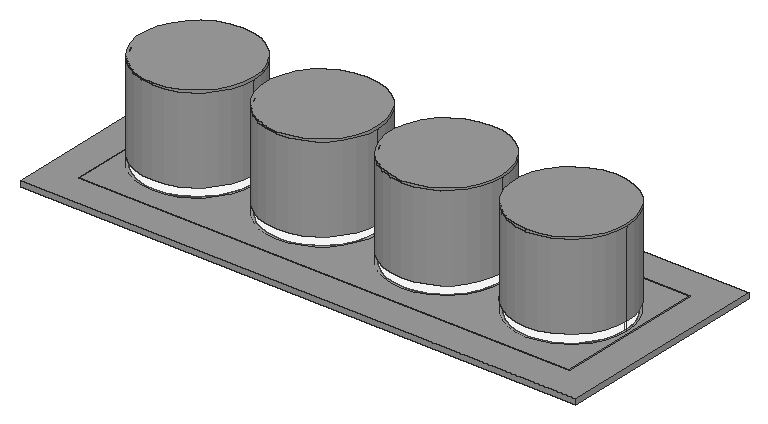
Revit family "Iluminação embutida - Múltipla", category Luminárias, Revit 2019
Family settings
  Hospedeiro = Forro
  Cota do conector redondo = Utilizar diâmetro
  Tipo de parte = Normal
  Sempre na vertical = Sim
  Corte com vazios quando carregada = Não
  Fonte luminosa = Não
  Compartilhado = Não
  Ponto de cálculo do ambiente = Não
Parameters (values of type "415 x 128 x 90mm")
  Largura = 200 mm
  Espessura do painel = 5 mm
  Material da luminária = Metal - Acabamento pintado - Marfim, fosco
  Comprimento = 515 mm
  Altura = 90 mm
  Material da moldura = Metal - Acabamento pintado - Marfim, fosco
  D3 = (Comprimento - 80 mm) / 8  # 54.375 mm
  D2 = D1 + 2 mm  # 52 mm
  D1 = (Largura - 100 mm) / 2  # 50 mm
Types (6, lengths in mm): name | Largura | Comprimento | Altura | D3 | D2 | D1
  415 x 128 x 90mm | 200 | 515 | 90 | 54.375 | 52 | 50
  515 x 200 x 191mm | 200 | 515 | 191 | 54.375 | 52 | 50
  658 x 190 x 146mm | 190 | 658 | 146 | 72.25 | 47 | 45
  460 x 160 x 136mm | 160 | 460 | 136 | 47.5 | 32 | 30
  658 x 190 x 96mm | 190 | 658 | 96 | 72.25 | 47 | 45
  460 x 160 x 113mm | 160 | 460 | 113 | 47.5 | 32 | 30
Reference planes
  plane 1 "Centro (Frente/Trás)": y = 0
  plane 2: z = 0
  plane 3 "Centro (Esquerda/Direita)": x = 0
  plane 4 "Forro": z = 4000
  plane 5: y = 70
  plane 6: y = 100
  plane 7: x = -227.5
  plane 8: x = -257.5
  plane 9: y = -70
  plane 10: y = -100
  plane 11: x = 227.5
  plane 12: x = 257.5
  plane 13: z = 3997.5
  plane 14: z = 3995
  plane 15: x = 173.125
  plane 16: x = -173.125
  plane 17: x = -57.708
  plane 18: x = 57.708
Forms (mm)
  Extrusion 1, solid, material "Metal - Acabamento pintado - Marfim, fosco" <- "Material da moldura"
    sketch origin (-180, 0, 4000) x (0, 1, 0) y (-1, 0, 0)
      loop
        line (70, 47.5) -> (-70, 47.5) -> (-70, -407.5) -> (70, -407.5) -> (70, 47.5)
    from -2.5 to 0
  Extrusion 2, solid, material "Metal - Acabamento pintado - Marfim, fosco" <- "Material da moldura"
    sketch origin (-180, 0, 4000) x (0, 1, 0) y (-1, 0, 0)
      loop
        line (100, 77.5) -> (-100, 77.5) -> (-100, -437.5) -> (100, -437.5) -> (100, 77.5)
      loop
        line (70, 47.5) -> (-70, 47.5) -> (-70, -407.5) -> (70, -407.5) -> (70, 47.5)
    from -5 to 0
  Extrusion 3, void
    sketch origin (100, 0, 4000) x (0, 1, 0) y (-1, 0, 0)
      loop
        circle (0, 273.125) r 50
    from -2.5 to 0
  Extrusion 4, void
    sketch origin (160, 0, 4000) x (0, 1, 0) y (-1, 0, 0)
      loop
        circle (0, 217.708) r 50
    from -2.5 to 0
  Extrusion 5, void
    sketch origin (220, 0, 4000) x (0, 1, 0) y (-1, 0, 0)
      loop
        circle (0, 162.292) r 50
    from -2.5 to 0
  Extrusion 6, void
    sketch origin (280, 0, 4000) x (0, 1, 0) y (-1, 0, 0)
      loop
        circle (0, 106.875) r 50
    from -2.5 to 0
Cuts and joins
  Extrusion 3, Extrusion 4, Extrusion 5, Extrusion 6 cuts Extrusion 1
  Extrusion 3 cuts Extrusion 2
Lines and regions (mm)
  Opening 1
    outline origin (0, 0, 4000) x (1, 0, 0) y (0, 1, 0)
      loop
        circle (-173.125, 0) r 52
      loop
        circle (-57.708, 0) r 52
      loop
        circle (57.708, 0) r 52
      loop
        circle (173.125, 0) r 52
Dimensions and locks
  equal spacing: host sketch curve, plane 3 "Centro (Esquerda/Direita)", host sketch curve
  equal spacing: host sketch curve, plane 1 "Centro (Frente/Trás)", host sketch curve
  host sketch curve to host sketch curve = 4000 mm  (x2)
  plane 4 "Forro" to host ceiling = 0 mm
  Extrusion 2 sketch curve to Extrusion 2 sketch curve = 200 mm
  locked: plane 8 to plane 7 at 30
  locked: plane 11 to plane 12 at 30
  "Comprimento": plane 8 to plane 12
  equal spacing: plane 8, plane 3 "Centro (Esquerda/Direita)", plane 12
  equal spacing: plane 14, plane 13, plane 4 "Forro"
  "Espessura do painel": plane 14 to plane 4 "Forro"
  "Largura": plane 6 to plane 10
  locked: plane 6 to plane 5 at 30
  locked: plane 9 to plane 10 at 30
  equal spacing: plane 6, plane 1 "Centro (Frente/Trás)", plane 10
  "D3": plane 7 to plane 16
  "D3": plane 15 to plane 11
  equal spacing: plane 16, plane 17, plane 18, plane 15
  "D1": radius of Extrusion 3 sketch curve
  "D1": radius of Extrusion 4 sketch curve
  "D1": radius of Extrusion 5 sketch curve
  "D1": radius of Extrusion 6 sketch curve
  "D2": radius of Opening 1 sketch curve  (x4)
  aligned and locked: plane 11 to Extrusion 1 sketch curve
  aligned and locked: Extrusion 1 sketch curve to plane 5
  aligned and locked: plane 9 to Extrusion 1 sketch curve
  aligned and locked: plane 7 to Extrusion 1 sketch curve
  aligned and locked: Extrusion 1 to plane 4 "Forro"
  aligned and locked: Extrusion 1 to plane 13
  aligned and locked: Extrusion 2 sketch curve to plane 6
  aligned and locked: plane 12 to Extrusion 2 sketch curve
  aligned and locked: Extrusion 2 to plane 8
  aligned and locked: plane 6 to Extrusion 2
  aligned and locked: plane 12 to Extrusion 2
  aligned and locked: Extrusion 2 to plane 10
  aligned and locked: Extrusion 1 to plane 7
  aligned and locked: plane 5 to Extrusion 1
  aligned and locked: Extrusion 1 to plane 11
  aligned and locked: Extrusion 2 to plane 14
  aligned and locked: Extrusion 2 to plane 4 "Forro"
  aligned and locked: plane 7 to Extrusion 2
  aligned and locked: plane 11 to Extrusion 2
  aligned and locked: nested 1 to plane 16
  aligned and locked: Extrusion 3 to plane 13
  aligned and locked: plane 9 to Extrusion 2 sketch curve
  aligned and locked: plane 16 to Extrusion 3 sketch curve
  aligned and locked: plane 1 "Centro (Frente/Trás)" to Extrusion 3 sketch curve
  aligned and locked: nested 4 to plane 15
  aligned and locked: plane 18 to nested 3
  aligned and locked: plane 17 to nested 2
  aligned and locked: host ceiling to Extrusion 3
  aligned and locked: host ceiling to Extrusion 4
  aligned and locked: host ceiling to Extrusion 5
  aligned and locked: host ceiling to Extrusion 6
  aligned and locked: nested 1 to Opening 1 sketch curve  (x2)
  aligned and locked: nested 2 to Opening 1 sketch curve  (x2)
  aligned and locked: plane 1 "Centro (Frente/Trás)" to Opening 1 sketch curve  (x2)
  aligned and locked: plane 18 to Opening 1 sketch curve
  aligned and locked: plane 15 to Opening 1 sketch curve
Automatic sketch dimensions
  Extrusion 2 sketch curve to plane 5 = 0 mm
  Extrusion 2 sketch curve to plane 11 = 0 mm
  Extrusion 2 sketch curve to plane 7 = 0 mm
  Extrusion 2 sketch curve to plane 8 = 0 mm
  plane 1 "Centro (Frente/Trás)" to Extrusion 4 sketch curve = 0 mm
  Extrusion 4 sketch curve to plane 17 = 0 mm
  plane 1 "Centro (Frente/Trás)" to Extrusion 5 sketch curve = 0 mm
  Extrusion 5 sketch curve to plane 18 = 0 mm
  plane 1 "Centro (Frente/Trás)" to Extrusion 6 sketch curve = 0 mm
  Extrusion 6 sketch curve to plane 15 = 0 mm
Nested families
  nested 1: "Iluminação de spot" at (-173.125, 0, 2628.4), type "Iluminação de spot"
  nested 2: "Iluminação de spot" at (-57.708, 0, 2628.4), type "Iluminação de spot"
  nested 3: "Iluminação de spot" at (57.708, 0, 2628.4), type "Iluminação de spot"
  nested 4: "Iluminação de spot" at (173.125, 0, 2628.4), type "Iluminação de spot"
Definition of nested family "Iluminação de spot"
  Parameters (values of type "Iluminação de spot")
    Wattage = 12.1178 W
    built-in parameter 1150110 = 1 (stored number, unit not read)
    built-in parameter 1114217 = 1 (stored number, unit not read)
    built-in parameter 1150109 = 1 (stored number, unit not read)
    built-in parameter 1150134 = (empty or 0)
    built-in parameter 1150113 = 1 (stored number, unit not read)
    Material de sombra = none
    R2 = 52 mm
    R1 = 50 mm
    Lumens = 1800 lm
    built-in parameter 1010506 = 0.5236 (stored number, unit not read)
    built-in parameter 1010507 = 1.5708 (stored number, unit not read)
    Tilt Angle = 90.00°
    built-in parameter 1150115 = 1 (stored number, unit not read)
    built-in parameter 1150105 = 6018.4 (stored number, unit not read)
    Light Source Symbol Length = 3048 mm
    built-in parameter 1150137 = (empty or 0)
    built-in parameter 1150139 = (empty or 0)
    Material da luminária = none
    built-in parameter 1150112 = 1 (stored number, unit not read)
    built-in parameter 1150114 = 1 (stored number, unit not read)
    built-in parameter 1150132 = 2
    built-in parameter 1150102 = (empty or 0)
    built-in parameter 1150138 = (empty or 0)
    built-in parameter 1150107 = 3000 (stored number, unit not read)
    built-in parameter 1150106 = 60.184 (stored number, unit not read)
    Altura 1 = 0.1 * Altura  # 9 mm
    Altura = 90 mm
    built-in parameter 1150104 = 13.8 (stored number, unit not read)
    Dimming Lamp Color Temperature Shift = (empty or 0)
    Color Filter = 16777215
    built-in parameter 1114218 = 1 (stored number, unit not read)
    built-in parameter 1150133 = 10 (stored number, unit not read)
  Reference planes
    plane 1 "Plano de inclinação (F/T)": y = 0
    plane 2: z = 0
    plane 3 "Eixo de origem da luz (E/D)": x = 0
    plane 4 "Elevação da origem da luz": z = 1371.6
    plane 5: y = 75
    plane 6: y = -75
    plane 7: z = 1459.6
    plane 8: z = 1461.6
    plane 9: z = 1380.6
  Forms (mm)
    Extrusion 1, solid, material <- "Material da luminária"
      sketch origin (0, 0, 0) x (1, 0, 0) y (0, 1, 0)
        loop
          circle (0, 0) r 50
        loop
          circle (0, 0) r 52
      from 1380.6 to 1459.6
    Extrusion 2, solid, material <- "Material da luminária"
      sketch origin (0, 0, 1371.6) x (0, -1, 0) y (1, 0, 0)
        loop
          circle (0, 0) r 52
      from 88 to 90
    Extrusion 3, solid, material <- "Material de sombra"
      sketch origin (0, 0, 0) x (1, 0, 0) y (0, 1, 0)
        loop
          circle (0, 0) r 52
        loop
          circle (0, 0) r 50
      from 1371.6 to 1380.6
  Cuts and joins
    joined: Extrusion 1, Extrusion 2
  Text (mm)
    text "�ngulo de inclina玢o 0" at (809.978, -4572, 1586.413), in view "Parte frontal"
    text "90" at (-194.597, -4572, 2488.248), in view "Parte frontal"
    text "180" at (-1130.68, -4572, 1586.413), in view "Parte frontal"
    text "270" at (-320.169, -4572, 456.265), in view "Parte frontal"
    text "�ngulo de inclina玢o 0" at (1952.354, 4572, 1542.98), in view "Parte posterior"
    text "180" at (-876.627, 4572, 1524.796), in view "Parte posterior"
    text "90" at (296.375, 4572, 2698.908), in view "Parte posterior"
    text "270" at (421.947, 4572, 666.926), in view "Parte posterior"
  Dimensions and locks
    locked: plane 8 to plane 7 at 2
    "Altura": plane 4 "Elevação da origem da luz" to plane 8
    "Altura 1": plane 9 to plane 4 "Elevação da origem da luz"
    "R1": radius of Extrusion 1 sketch curve
    "R2": radius of Extrusion 2 sketch curve
    "R2": radius of Extrusion 1 sketch curve
    "R1": radius of Extrusion 3 sketch curve
    "R2": radius of Extrusion 3 sketch curve
    aligned and locked: imposter light to plane 3 "Eixo de origem da luz (E/D)"
    aligned and locked: plane 1 "Plano de inclinação (F/T)" to imposter light
    aligned and locked: plane 4 "Elevação da origem da luz" to imposter light
    aligned and locked: level to plane 2
    aligned and locked: plane 7 to Extrusion 1
    aligned and locked: plane 8 to Extrusion 2
    aligned and locked: Extrusion 2 to plane 7
    aligned and locked: plane 3 "Eixo de origem da luz (E/D)" to Extrusion 1 sketch curve  (x2)
    aligned and locked: plane 1 "Plano de inclinação (F/T)" to Extrusion 1 sketch curve  (x2)
    aligned and locked: plane 3 "Eixo de origem da luz (E/D)" to Extrusion 2 sketch curve
    aligned and locked: plane 1 "Plano de inclinação (F/T)" to Extrusion 2 sketch curve
    aligned and locked: imposter light to Extrusion 3 sketch curve  (x4)
    aligned and locked: cut or joined group of Extrusion 1, Extrusion 2 to plane 9
    aligned and locked: plane 9 to Extrusion 3
    aligned and locked: plane 4 "Elevação da origem da luz" to Extrusion 3
Types in the file's own list only (6): name | Largura | Comprimento | Altura | D3 | D2 | D1
  415x128x90mm | 128 mm | 415 mm | 90 mm | 42 mm | 16 mm | 14 mm
  460x160x113mm | 160 mm | 460 mm | 113 mm | 48 mm | 32 mm | 30 mm
  658x190x96mm | 190 mm | 658 mm | 96 mm | 72 mm | 47 mm | 45 mm
  460x160x136mm | 160 mm | 460 mm | 136 mm | 48 mm | 32 mm | 30 mm
  658x190x146mm | 190 mm | 658 mm | 146 mm | 72 mm | 47 mm | 45 mm
  515x200x191mm | 200 mm | 515 mm | 191 mm | 54 mm | 52 mm | 50 mm
